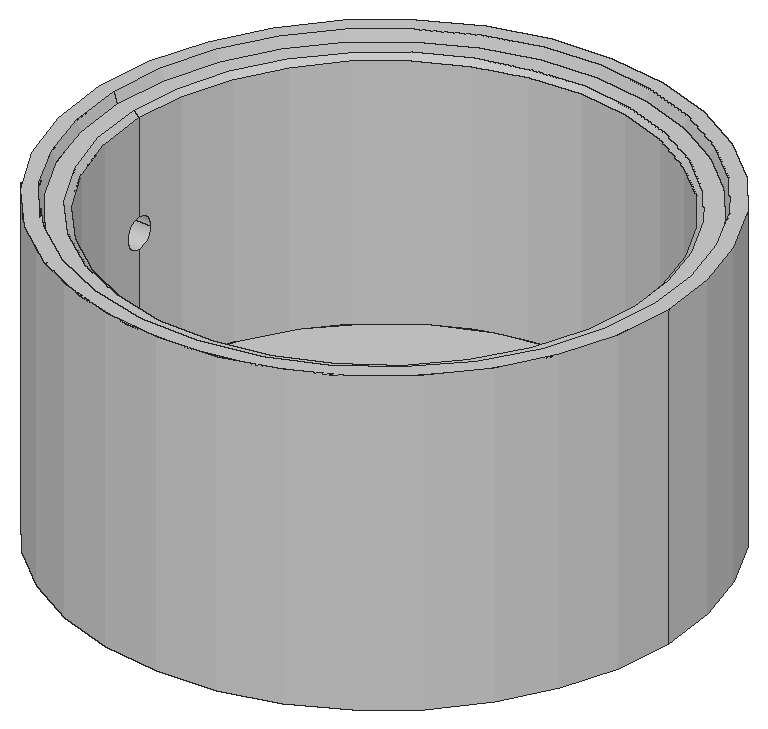
Revit family "KODF 10.6", category Фундамент несущей конструкции, Revit 2025
Family settings
  Материал для поведения модели = Прочее
  Заглушка = Нет
  Номер OmniClass = 23.25.05.00
  Заголовок OmniClass = Foundations
  На основе рабочей плоскости = Нет
  Всегда вертикально = Да
  При загрузке вырезать с полостями = Нет
  Общий = Нет
  Показывать семейство разрезанным на планах = Да
Parameters
  Петля = Петля_П1_П2 : П2
Reference planes
  plane 1 "По центру (Вперед/Назад)": y = -35
  plane 2: z = 0
  plane 3 "По центру (Влево/Вправо)": x = 0
  plane 4: z = 610
  plane 5: through (544.295, -4572, 590) normal (-0.9408, 0, 0.3389)
  plane 6: through (-544.295, -4572, 590) normal (-0.9408, 0, -0.3389)
  plane 7: z = 490
  plane 8: z = 480
  plane 9: through (-500, -4572, 580) normal (-0.7071, 0, -0.7071)
  plane 10: through (500, -4572, 580) normal (-0.7071, 0, 0.7071)
  plane 11: x = -500
  plane 12: x = 500
  plane 13: x = -580
  plane 14: x = 500
  plane 15: x = 580
  plane 16: z = 20
  plane 17: through (538, -4572, 0) normal (-0.9387, 0, 0.3447)
  plane 18: through (-538, -4572, 0) normal (-0.9387, 0, -0.3447)
  plane 19: x = 551.5
  plane 20: x = -551.5
  plane 21: x = 538
  plane 22: x = -538
  plane 23: z = 370
  plane 24: x = 570
  plane 25: x = -570
  plane 26: z = 100
  plane 27: x = -490
  plane 28: x = 210
  plane 29: x = -140
Forms (mm)
  Extrusion 1, solid, material "Бетон В15"
    sketch origin (0, 0, 0) x (1, 0, 0) y (0, 1, 0)
      loop
        circle (0, -35) r 580
      loop
        circle (0, -35) r 500
    from 0 to 610
  Blend 2, void
    base sketch origin (0, 0, 0) x (1, 0, 0) y (0, 1, 0)
      loop
        circle (0, -35) r 500
    top sketch origin (0, 0, 0) x (1, 0, 0) y (0, 1, 0)
      loop
        circle (0, -35) r 510
    from 580 to 590
  Blend 3, void
    base sketch origin (0, 0, 0) x (1, 0, 0) y (0, 1, 0)
      loop
        circle (0, -35) r 544.295
    top sketch origin (0, 0, 0) x (1, 0, 0) y (0, 1, 0)
      loop
        circle (0, -35) r 551.5
    from 590 to 610
  Extrusion 4, void
    sketch origin (0, 0, -20) x (0, 1, 0) y (0, 0, 1)
      loop
        circle (-35, 390) r 30
    from -570 to 570
  Extrusion 5, solid, material "Бетон В15"
    sketch origin (0, 0, 0) x (1, 0, 0) y (0, 1, 0)
      loop
        circle (0, -35) r 500
    from 0 to 100
Cuts and joins
  Blend 2, Blend 3, Extrusion 4 cuts Extrusion 1
  joined: Extrusion 1, Extrusion 5
Dimensions and locks
  plane 4 to level = 610 mm
  cut or joined group of Extrusion 1, Blend 2, Blend 3, Extrusion 4, Extrusion 5 to plane 23 = 370 mm
  plane 23 to level = 370 mm
  aligned and locked: plane 2 to level
